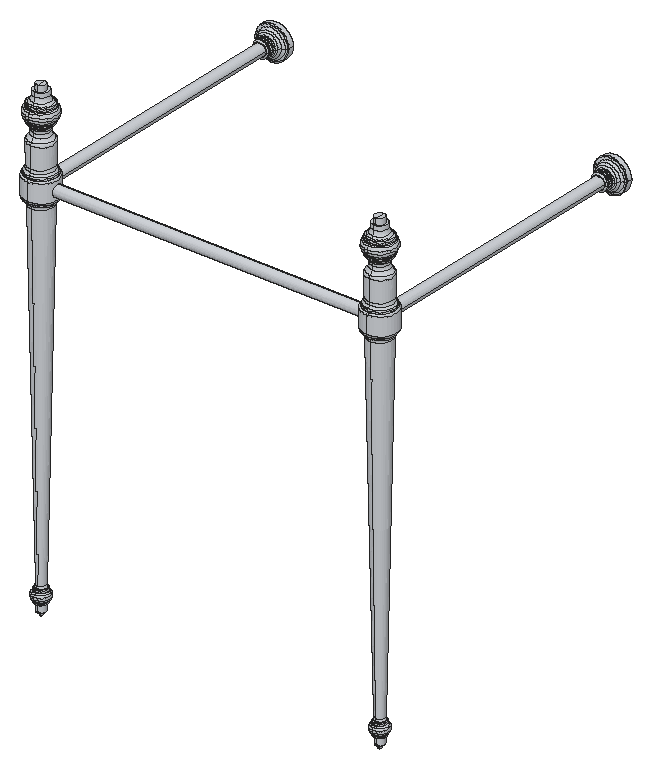
Revit family "Furniture-Console_Table_Legs-KOHLER-Memoirs-K-30010", category Specialty Equipment, host Face, Revit 2015 (continued)
Definition of nested family "K-30010"
  Lines and regions (in)
    symbolic lines, detail levels medium+fine
      curve 18: circle (-11.46875, 0, 19.875) r 0.85964 normal (0, 1, 0)
      curve 19: circle (-11.46875, 0, 19.875) r 0.494 normal (0, 1, 0)
      curve 20: circle (-11.46875, 0, 19.875) r 0.309 normal (0, 1, 0)
      curve 21: arc (-11.84375, 0, 18.83289) -> (-11.46875, 0, 18.7675) -> (-11.09375, 0, 18.83289) r 1.10796
      curve 22: arc (-10.42664, 0, 20.25) -> (-10.36125, 0, 19.875) -> (-10.42664, 0, 19.5) r 1.10796
      curve 23: line (0, 11.10777, 0.37504) -> (0, 8.91423, 0.37504)
      curve 24: line (0, 10.58314, 0.89887) -> (0, 9.43886, 0.89887)
      curve 25: line (0, 10.50401, 0.96522) -> (0, 9.51799, 0.96522)
      curve 26: line (0, 10.52543, 1.19637) -> (0, 9.49657, 1.19637)
      curve 27: line (0, 10.386, 1.346) -> (0, 9.636, 1.346)
      curve 28: line (0, 15.765, 20.184) -> (0, 15.765, 19.566)
      curve 29: line (0, 14.99688, 20.69841) -> (0, 14.99688, 19.05159)
      curve 30: line (0, 14.85323, 20.73623) -> (0, 14.85323, 19.01377)
      curve 31: line (0, 14.03918, 20.76062) -> (0, 14.03918, 18.98938)
      curve 32: line (0, 13.89812, 20.736) -> (0, 13.89812, 19.014)
      curve 33: line (0, 12.68239, 20.73324) -> (0, 12.68239, 19.01676)
      curve 34: line (0, 10.89852, 20.82966) -> (0, 10.89852, 18.92034)
      curve 35: line (0, 10.71699, 20.88247) -> (0, 10.71699, 18.86532)
      curve 36: line (0, 9.30505, 20.87961) -> (0, 9.30505, 18.87039)
      curve 37: line (0, 9.14136, 20.82512) -> (0, 9.14136, 18.92488)
      curve 38: line (0, -16.094, 19.959) -> (0, -16.094, 19.791)
      curve 39: line (0, -15.875, 19.959) -> (0, -15.875, 19.791)
      curve 40: line (0, -15.33512, 20.169) -> (0, -15.33512, 19.581)
      curve 41: line (0, -15.16801, 20.31466) -> (0, -15.16801, 19.43534)
      curve 42: line (0, -14.58531, 20.30849) -> (0, -14.58531, 19.44151)
      curve 43: line (0, -14.34774, 20.2131) -> (0, -14.34774, 19.5369)
      curve 44: arc (0, 10.386, 18.7675) -> (0, 10.011, 18.83413) -> (0, 9.636, 18.7675) r 1.08854
      curve 45: line (-11.55275, -16.094, 0) -> (-11.38475, -16.094, 0)
      curve 46: line (-11.55275, -15.875, 0) -> (-11.38475, -15.875, 0)
      curve 47: line (-11.76275, -15.33512, 0) -> (-11.17475, -15.33512, 0)
      curve 48: line (-11.90224, -14.58531, 0) -> (-11.03526, -14.58531, 0)
      curve 49: line (-11.88344, -15.21798, 0) -> (-11.05406, -15.21798, 0)
      curve 50: line (-11.88286, -14.46869, 0) -> (-11.05464, -14.46869, 0)
      curve 51: line (-12.47336, 9.30505, 0) -> (-10.46414, 9.30505, 0)
      curve 52: line (-10.51863, 9.14136, 0) -> (-12.41887, 9.14136, 0)
      curve 53: line (-12.47622, 10.71699, 0) -> (-10.45907, 10.71699, 0)
      curve 54: line (-12.42341, 10.89852, 0) -> (-10.51409, 10.89852, 0)
      curve 55: line (-12.25649, 12.86189, 0) -> (-10.68101, 12.86189, 0)
      curve 56: line (-12.25726, 13.80614, 0) -> (-10.68024, 13.80614, 0)
      curve 57: line (-12.32975, 13.98175, 0) -> (-10.60775, 13.98175, 0)
      curve 58: line (-12.32998, 14.85323, 0) -> (-10.60752, 14.85323, 0)
      curve 59: line (-12.29216, 14.99688, 0) -> (-10.64534, 14.99688, 0)
      curve 60: line (-11.77775, 15.765, 0) -> (-11.15975, 15.765, 0)
      curve 61: arc (-10.36125, 10.386, 0) -> (-10.42823, 10.011, 0) -> (-10.36125, 9.63599, 0) r 1.08333
      curve 62: line (11.55275, -16.094, 0) -> (11.38475, -16.094, 0)
      curve 63: line (11.55275, -15.875, 0) -> (11.38475, -15.875, 0)
      curve 64: line (11.76275, -15.33512, 0) -> (11.17475, -15.33512, 0)
      curve 65: line (11.90224, -14.58531, 0) -> (11.03526, -14.58531, 0)
      curve 66: line (11.88344, -15.21798, 0) -> (11.05406, -15.21798, 0)
      curve 67: line (11.88286, -14.46869, 0) -> (11.05464, -14.46869, 0)
      curve 68: line (12.47336, 9.30505, 0) -> (10.46414, 9.30505, 0)
      curve 69: line (10.51863, 9.14136, 0) -> (12.41887, 9.14136, 0)
      curve 70: line (12.47622, 10.71699, 0) -> (10.45907, 10.71699, 0)
      curve 71: line (12.42341, 10.89852, 0) -> (10.51409, 10.89852, 0)
      curve 72: line (12.25649, 12.86189, 0) -> (10.68101, 12.86189, 0)
      curve 73: line (12.25726, 13.80614, 0) -> (10.68024, 13.80614, 0)
      curve 74: line (12.32975, 13.98175, 0) -> (10.60775, 13.98175, 0)
      curve 75: line (12.32998, 14.85323, 0) -> (10.60752, 14.85323, 0)
      curve 76: line (12.29216, 14.99688, 0) -> (10.64534, 14.99688, 0)
      curve 77: line (11.77775, 15.765, 0) -> (11.15975, 15.765, 0)
      curve 78: arc (10.36125, 10.386, 0) -> (10.42823, 10.011, 0) -> (10.36125, 9.63599, 0) r 1.08333
  Dimensions and locks (in)
    locked: plane 5 to plane 6 at 32.25
    locked: plane 4 to plane 8 at 22.9375
    locked: plane 7 to level at 19.875
    aligned and locked: plane 2 to level
Types (5): name | Type | Model | Finish
  (no name) | 1 | "K-30010-CP" | Kohler-Metal-CP-Polished_Chrome
  CP-Polished Chrome | 1 | "K-30010-CP" | Kohler-Metal-CP-Polished_Chrome
  BN-Vibrant Brushed Nickel | 2 | "K-30010-BN" | Kohler-Metal-BN-Vibrant_Brushed_Nickel
  BV-Vibrant Brushed Bronze | 3 | "K-30010-BV" | Kohler-Metal-BV-Brushed_Bronze
  2BZ-Oil_Rubbed Bronze | 4 | "K-30010-2BZ" | Kohler-Metal-2BZ-Oil_Rubbed_Bronze
